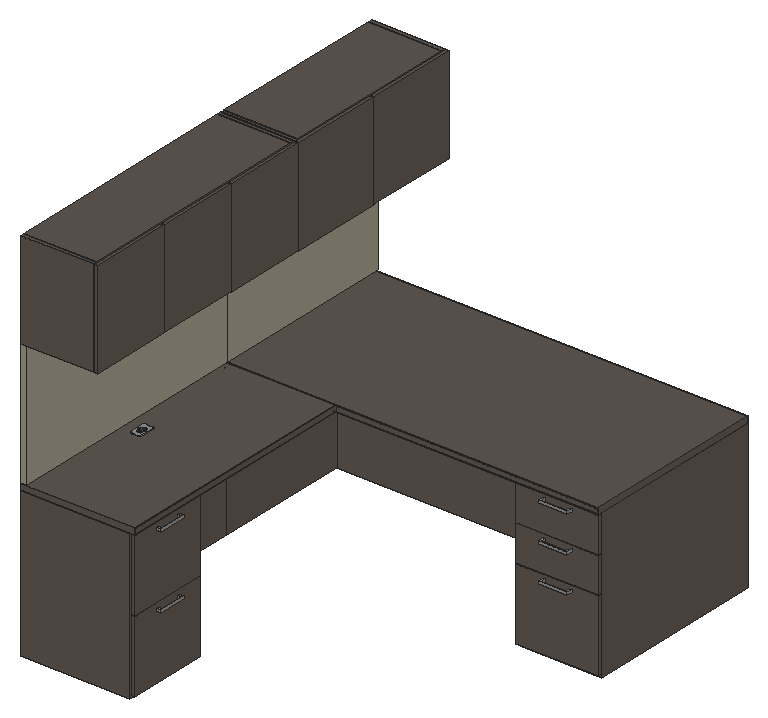
Revit family "T100051", category Casework, Revit 2018
Family settings
  OmniClass Number = 23.40.35.00
  OmniClass Title = Casework
  Work Plane-Based = No
  Always vertical = Yes
  Cut with Voids When Loaded = No
  Shared = No
  Room Calculation Point = No
Parameters
  Depth = 2' - 0"
  Height = 3' - 0"
  Width = 4' - 0"
Reference planes (in)
  plane 1 "Back": y = 0
  plane 2: z = 0
  plane 3 "Center (Left/Right)": x = 0.7377049
  plane 4 "Left": x = -23.2622951
  plane 5 "Right": x = 24.7377049
  plane 6 "Front": y = -24
  plane 7 "Top": z = 36
Dimensions and locks (in)
  "Depth": plane 6 "Front" to plane 1 "Back"
  "Width": plane 4 "Left" to plane 5 "Right"
  equal spacing: plane 4 "Left", plane 3 "Center (Left/Right)", plane 5 "Right"
  "Height": level to plane 7 "Top"
  aligned and locked: plane 2 to level
Nested families (in)
  nested 1: "FIRST OFFICE-PULSE_DESK_SINGLE_PED_RIGHT" at (-30.1861856, 0.8195349, 0), type "PULSE_DESK_SNGL_PED_4-7236FRPD"
    with TOP D SIZE yes, THICKNESS 0' - 1.188"
  nested 2: "FIRST OFFICE-PULSE_RETURNS_LEFT" at (-52.4063905, -36.7805, 0) x (0, 1, 0) z (0, 0, 1), type "PULSE_RETURN_LEFT_4-2248FLPR"
    with TOP D SIZE yes, THICKNESS 0' - 1.188", CENTER GROMMET yes
  nested 3: "FIRST OFFICE-PULSE_STORAGE_WALLMNT_ORGANIZER_W-DOORS" at (-66.2813905, -38, 0) x (0, 1, 0) z (0, 0, 1), type "PULSE-WALLMOUNT-ORGANIZER_4-4821HDW3"
    with 4 SOLID DRS no, 3 SOLID DRS yes, 2 SOLID DRS no
  nested 4: "FIRST OFFICE-PULSE_STORAGE_WALLMNT_ORGANIZER_W-DOORS" at (-66.2813905, 4, 0) x (0, 1, 0) z (0, 0, 1), type "PULSE-WALLMOUNT-ORGANIZER_4-3621HDW2"
    with 4 SOLID DRS no, 3 SOLID DRS no, 2 SOLID DRS yes
  nested 5: "FIRST OFFICE-PULSE_TACKBOARDS_FOR_WALLMOUNT_ORGNZRS" at (-60.5310419, -36.9929737, 0) x (0, 1, 0) z (0, 0, 1), type "PULSE_TACKBOARD_FOR_WALLMOUNT_FT2073"
  nested 6: "FIRST OFFICE-PULSE_TACKBOARDS_FOR_WALLMOUNT_ORGNZRS" at (-60.5310419, 5.0070263, 0) x (0, 1, 0) z (0, 0, 1), type "PULSE_TACKBOARD_FOR_WALLMOUNT_FT2075"
Definition of nested family "FIRST OFFICE-PULSE_DESK_SINGLE_PED_RIGHT"
  Parameters (values of type "PULSE_DESK_SNGL_PED_4-7236FRPD")
    URL = "http://www.firstoffice.com/products/casegoods/pulse"
    TOP D SIZE [instance] = yes
    THICKNESS [instance] = if(TOP D SIZE, 0' 1.188", 0' 1.563")  # 0' - 1.188"
    PEDESTAL HEIGHT = 2' - 4.187"
    DESK WIDTH = 6' - 0"
    FULL PED = PEDESTAL HEIGHT > 2' 1"  # yes
    DRAWER FRONT = none
    ENVIRONMENTAL = "http://www.firstoffice.com/information/environment"
    DESK DEPTH = 3' - 0"
    TOP CORE = none
    Manufacturer = "FIRST OFFICE-PULSE"
    MODEL NUMBER = "4-7236FRPD"
    MANUFACTURERS' CODE = "FOF"
    EDGE SHAPE = none
    Description = "PULSE SINGLE PED DESK RIGHT 72X36"
    CHASSIS = none
    CATALOG CODE = "FOF"
  Types (5): name | PEDESTAL HEIGHT | DESK WIDTH | FULL PED | DESK DEPTH | MODEL NUMBER | Description
    (no name) | 2' - 4.187" | 6' - 0" | yes | 3' - 0" | "4-7236FRPD" | "PULSE SINGLE PED DESK RIGHT 72X36"
    PULSE_DESK_SNGL_PED_4-6630FRPD | 2' - 4.187" | 5' - 6" | yes | 2' - 6" | "4-6630FRPD" | "PULSE SINGLE PED DESK RIGHT 66X30"
    PULSE_DESK_SNGL_PED_4-7236FRPD | 2' - 4.187" | 6' - 0" | yes | 3' - 0" | "4-7236FRPD" | "PULSE SINGLE PED DESK RIGHT 72X36"
    PULSE_DESK_SNGL_PED_4-6630RPD | 1' - 9 1/4" | 5' - 6" | no | 2' - 6" | "4-6630RPD" | "PULSE SINGLE 3/4 PED DESK RIGHT 66X30"
    PULSE_DESK_SNGL_PED_4-7236RPD | 1' - 9 1/4" | 6' - 0" | no | 3' - 0" | "4-7236RPD" | "PULSE SINGLE 3/4 PED DESK RIGHT 72X36"
  Reference planes (in)
    plane 1 "Center Front/Back": y = 3.1804651
    plane 2: z = 0
    plane 3 "DESK TOP": z = 30
    plane 4 "BASE HEIGHT": z = 28.812
    plane 5 "FRONT": y = -14.8195349
    plane 6 "PEDESTAL BOTTOM": z = 0.5
    plane 7 "PEDESTAL TOP": z = 28.687
    plane 8: z = 1.063
    plane 9 "PEDESTAL FRONT": y = -13.8195349
    plane 10 "DRAWER FRONT": y = -14.5695349
    plane 11 "ARC DEPTH": y = 21.1804651
    plane 12: z = 14.813
    plane 13: z = 14.938
    plane 14: z = 21.874
    plane 15: z = 21.75
    plane 16: z = 1.25
    plane 17: y = 12.1804651
    plane 18: y = 11.4304651
    plane 19: z = 16.812
    plane 20: y = 21.0554651
    plane 21: x = -0.095205
    plane 22: x = 35.904795
    plane 23: x = -36.095205
    plane 24: x = 35.841795
    plane 25: x = -36.032205
    plane 26: x = 20.028795
    plane 27: x = 34.841795
    plane 28: x = 20.778795
    plane 29: x = -35.032205
    plane 30: x = 20.091795
  Forms (in)
    Extrusion 1, solid, material <- "DRAWER FRONT"
      sketch origin (-0.2559588, -14.5695349, 0) x (-1, 0, 0) y (0, 0, -1)
        loop
          line (-36.0977539, -14.813) -> (-20.3477539, -14.813) -> (-20.3477539, -1.063) -> (-36.0977539, -1.063) -> (-36.0977539, -14.813)
      from -0.75 to 0
    Extrusion 2, solid, visible <- "FULL PED"
      sketch origin (-0.2559588, -14.5695349, 0) x (-1, 0, 0) y (0, 0, -1)
        loop
          line (-36.0977539, -21.75) -> (-20.3477539, -21.75) -> (-20.3477539, -14.938) -> (-36.0977539, -14.938) -> (-36.0977539, -21.75)
      from -0.75 to 0
    Extrusion 3, solid
      sketch origin (-0.2559588, -14.5695349, 0) x (-1, 0, 0) y (0, 0, -1)
        loop
          line (-36.0977539, -28.687) -> (-20.3477539, -28.687) -> (-20.3477539, -21.874) -> (-36.0977539, -21.874) -> (-36.0977539, -28.687)
      from -0.75 to 0
    Extrusion 4, solid, material <- "CHASSIS"
      sketch origin (-0.2559588, 12.1804651, 0) x (1, 0, 0) y (0, 0, -1)
        loop
          line (-34.7762461, -28.812) -> (35.0977539, -28.812) -> (35.0977539, -0.499) -> (-34.7762461, -0.499) -> (-34.7762461, -28.812)
      from -0.75 to 0
    Extrusion 5, solid, material <- "TOP CORE"
      sketch origin (-0.2559588, 0, 30) x (0, 1, 0) y (-1, 0, 0)
        loop
          line (21.0554651, -36.1607539) -> (21.0554651, 35.8392461) -> (-14.6945349, 35.8392461) -> (-14.6945349, -36.1607539) -> (21.0554651, -36.1607539)
      from -1.188 to 0
    Extrusion 6, solid, material <- "EDGE SHAPE"
      sketch origin (-0.095205, 0, 0) x (0, 1, 0) y (0, 0, -1)
        loop
          arc (-14.6945349, -28.812) -> (-14.7829232, -28.8486117) -> (-14.8195349, -28.937) r 0.125
          line (-14.8195349, -28.937) -> (-14.8195349, -29.875)
          arc (-14.8195349, -29.875) -> (-14.7829232, -29.9633883) -> (-14.6945349, -30) r 0.125
          line (-14.6945349, -30) -> (-14.6945349, -28.812)
      from -36 to 36
    Extrusion 7, solid, visible <- "FULL PED"
      sketch origin (18.7831536, -15.3753486, 16.001) x (-1, 0, 0) y (0, -1, 0)
        loop
          line (-11.9023915, -0.8058138) -> (-11.5273915, -0.8058138) -> (-11.5273915, 0.0066863) -> (-6.8398915, 0.0066863) -> (-6.8398915, -0.8058138) -> (-6.4648915, -0.8058138) -> (-6.4648915, 0.1941862) -> (-11.9023915, 0.1941862) -> (-11.9023915, -0.8058138)
      from 4.53125 to 5
    Extrusion 8, solid
      sketch origin (18.7831536, -15.3753486, 22.938) x (-1, 0, 0) y (0, -1, 0)
        loop
          line (-11.9023915, -0.8058138) -> (-11.5273915, -0.8058138) -> (-11.5273915, 0.0066863) -> (-6.8398915, 0.0066863) -> (-6.8398915, -0.8058138) -> (-6.4648915, -0.8058138) -> (-6.4648915, 0.1941862) -> (-11.9023915, 0.1941862) -> (-11.9023915, -0.8058138)
      from 4.53125 to 5
    Extrusion 9, solid
      sketch origin (18.7831536, -15.3753486, 9.063) x (-1, 0, 0) y (0, -1, 0)
        loop
          line (-11.9023915, -0.8058138) -> (-11.5273915, -0.8058138) -> (-11.5273915, 0.0066863) -> (-6.8398915, 0.0066863) -> (-6.8398915, -0.8058138) -> (-6.4648915, -0.8058138) -> (-6.4648915, 0.1941862) -> (-11.9023915, 0.1941862) -> (-11.9023915, -0.8058138)
      from 4.53125 to 5
    Extrusion 10, solid, material <- "CHASSIS"
      sketch origin (37.7440412, 5.25, 0) x (0, 1, 0) y (0, 0, -1)
        loop
          line (-19.0695349, -28.687) -> (15.9304651, -28.687) -> (15.9304651, -0.499) -> (-19.0695349, -0.499) -> (-19.0695349, -28.687)
      from 1.8392461 to 2.9022461
    Extrusion 11, solid
      sketch origin (99, 5.25, 28.687) x (0, 1, 0) y (-1, 0, 0)
        loop
          line (15.8054651, 134.032205) -> (15.8054651, 135.032205) -> (-19.0695349, 135.032205) -> (-19.0695349, 134.032205) -> (15.8054651, 134.032205)
      from 0 to 0.125
    Extrusion 12, solid, material <- "CHASSIS"
      sketch origin (-36.2559588, 5.5, 0) x (0, 1, 0) y (0, 0, 1)
        loop
          line (-20.3195349, 28.687) -> (-20.3195349, 0.499) -> (15.6804651, 0.499) -> (15.6804651, 28.687) -> (-20.3195349, 28.687)
      from 0.1607539 to 1.2237539
    Extrusion 13, solid
      sketch origin (94.5, 5.5, 28.687) x (0, 1, 0) y (-1, 0, 0)
        loop
          line (15.5554651, 59.658205) -> (-20.0695349, 59.658205) -> (-20.0695349, 58.658205) -> (15.5554651, 58.658205) -> (15.5554651, 59.658205)
      from 0 to 0.125
    Extrusion 14, solid, material <- "CHASSIS"
      sketch origin (14.7440412, 4.5, 0) x (0, 1, 0) y (0, 0, 1)
        loop
          line (-18.3195349, 28.812) -> (-18.3195349, 0.5) -> (6.9304651, 0.5) -> (6.9304651, 28.812) -> (-18.3195349, 28.812)
      from 5.2847539 to 6.0347539
    Extrusion 15, solid, material <- "CHASSIS", not visible
      sketch origin (-0.2559588, 4.5, 0.5) x (0, 1, 0) y (-1, 0, 0)
        loop
          line (6.9304651, -21.0347539) -> (-18.3195349, -21.0347539) -> (-18.3195349, -35.0977539) -> (6.9304651, -35.0977539) -> (6.9304651, -21.0347539)
      from 0 to 0.75
    Extrusion 16, solid, material <- "CHASSIS"
      sketch origin (-0.2559588, 1.5, 0.5) x (0, 1, 0) y (-1, 0, 0)
        loop
          line (9.9304651, -21.0347539) -> (-15.3195349, -21.0347539) -> (-15.3195349, -35.0977539) -> (9.9304651, -35.0977539) -> (9.9304651, -21.0347539)
      from 0 to 0.75
    Extrusion 17, solid, material <- "EDGE SHAPE"
      sketch origin (-0.095205, 0, 0) x (0, 1, 0) y (0, 0, -1)
        loop
          line (21.1804651, -29.875) -> (21.1804651, -28.937)
          arc (21.1804651, -28.937) -> (21.1438535, -28.8486117) -> (21.0554651, -28.812) r 0.125
          line (21.0554651, -28.812) -> (21.0554651, -30)
          arc (21.0554651, -30) -> (21.1438535, -29.9633883) -> (21.1804651, -29.875) r 0.125
      from -36 to 36
  Lines and regions (in)
    Masking region 1
      outline origin (-81.9530494, 0, 0) x (0, 1, 0) y (-1, 0, 0)
        loop
          line (21.1804651, -117.8578445) -> (21.1804651, -45.8578445) -> (-14.8195349, -45.8578445) -> (-14.8195349, -117.8578445) -> (21.1804651, -117.8578445)
    Masking region 2
      outline origin (0, 0, 28.687) x (0, 1, 0) y (-1, 0, 0)
        loop
          line (-14.8195349, -25.248045) -> (-15.5695348, -25.248045) -> (-15.5695348, -30.685545) -> (-14.8195349, -30.685545) -> (-14.8195349, -30.310545) -> (-15.3820349, -30.310545) -> (-15.3820349, -25.623045) -> (-14.8195349, -25.623045) -> (-14.8195349, -25.248045)
  Dimensions and locks (in)
    "DESK DEPTH": plane 5 "FRONT" to plane 11 "ARC DEPTH"
    equal spacing: plane 5 "FRONT", plane 1 "Center Front/Back", plane 11 "ARC DEPTH"
    plane 16 to plane 8 to plane 6 "PEDESTAL BOTTOM" = 0' - 0.187" locked, 0' - 0.563" locked
    "PEDESTAL HEIGHT": plane 7 "PEDESTAL TOP" to plane 6 "PEDESTAL BOTTOM"
    plane 4 "BASE HEIGHT" to plane 7 "PEDESTAL TOP" to plane 2 = 0' - 0 1/8" locked, 2' - 4.687" locked
    "THICKNESS": plane 3 "DESK TOP" to plane 4 "BASE HEIGHT"
    plane 5 "FRONT" to plane 10 "DRAWER FRONT" to plane 9 "PEDESTAL FRONT" to plane 18 to plane 17 = 0' - 0 1/4" locked, 0' - 0 3/4" locked, 2' - 1 1/4" locked, 0' - 0 3/4" locked
    locked: plane 11 "ARC DEPTH" to plane 20 at 0.125
    equal spacing: plane 22, plane 21, plane 23
    "DESK WIDTH": plane 22 to plane 23
    plane 13 to plane 12 to plane 8 = 0' - 0 1/8" locked, 1' - 1 3/4" locked
    locked: plane 7 "PEDESTAL TOP" to plane 14 at 6.813
    locked: plane 14 to plane 15 at 0.124
    locked: Extrusion 5 to Extrusion 4 sketch curve at 28.313
    plane 29 to plane 25 to plane 23 = 0' - 1" locked, 0' - 0.063" locked
    plane 22 to plane 24 to plane 27 to plane 28 to plane 30 to plane 26 = 0' - 0.063" locked, 0' - 1" locked, 1' - 2.063" locked, 0' - 0.687" locked, 0' - 0.063" locked
    plane 12 to Extrusion 9 to Extrusion 9 = 0' - 0 3/4" locked, 0' - 0 15/32" locked
    aligned and locked: level to plane 2
    aligned and locked: Extrusion 1 sketch curve to plane 24
    aligned and locked: plane 12 to Extrusion 1 sketch curve
    aligned and locked: Extrusion 1 sketch curve to plane 8
    aligned and locked: plane 24 to Extrusion 2 sketch curve
    aligned and locked: plane 13 to Extrusion 2 sketch curve
    aligned and locked: Extrusion 2 sketch curve to plane 15
    aligned and locked: plane 14 to Extrusion 3 sketch curve
    aligned and locked: Extrusion 3 sketch curve to plane 7 "PEDESTAL TOP"
    aligned and locked: Extrusion 4 sketch curve to plane 29
    aligned and locked: Extrusion 4 sketch curve to plane 27
    aligned and locked: plane 22 to Extrusion 6
    aligned and locked: Extrusion 6 to plane 23
    aligned and locked: Extrusion 3 sketch curve to plane 30
    aligned and locked: Extrusion 2 sketch curve to plane 30
    aligned and locked: plane 30 to Extrusion 1 sketch curve
    aligned and locked: Extrusion 5 sketch curve to plane 23
    aligned and locked: plane 22 to Extrusion 10
    aligned and locked: Extrusion 10 to plane 27
    aligned and locked: plane 28 to Extrusion 14
    aligned and locked: Extrusion 14 to plane 26
    aligned and locked: Extrusion 12 to plane 23
    aligned and locked: Extrusion 12 to plane 29
    aligned and locked: Extrusion 7 to Extrusion 8  (x2)
    aligned and locked: Extrusion 9 to Extrusion 7  (x2)
    aligned and locked: plane 22 to Extrusion 17
    aligned and locked: Extrusion 17 to plane 23
    aligned and locked: plane 11 "ARC DEPTH" to Masking region 1 sketch curve
    aligned and locked: Masking region 1 sketch curve to plane 23
    aligned and locked: plane 22 to Masking region 1 sketch curve
    aligned and locked: Masking region 1 sketch curve to plane 5 "FRONT"
    aligned and locked: plane 25 to Extrusion 11 sketch curve
    aligned and locked: plane 29 to Extrusion 11 sketch curve
    aligned and locked: plane 20 to Extrusion 11 sketch curve
    aligned and locked: plane 9 "PEDESTAL FRONT" to Extrusion 11 sketch curve
    aligned and locked: Extrusion 13 sketch curve to plane 27
    aligned and locked: plane 24 to Extrusion 13 sketch curve
    aligned and locked: Extrusion 13 sketch curve to plane 20
    aligned and locked: Extrusion 13 sketch curve to plane 10 "DRAWER FRONT"
    aligned and locked: plane 17 to Extrusion 4
    aligned and locked: Extrusion 4 to plane 18
    aligned and locked: plane 16 to Extrusion 16
    aligned and locked: plane 16 to Extrusion 15
    aligned and locked: Extrusion 16 to plane 6 "PEDESTAL BOTTOM"
    aligned and locked: Extrusion 15 to plane 6 "PEDESTAL BOTTOM"
    aligned and locked: Extrusion 15 sketch curve to plane 18
    aligned and locked: plane 18 to Extrusion 14
    aligned and locked: Extrusion 12 to Extrusion 4
    aligned and locked: Extrusion 10 to Extrusion 12
  Automatic sketch dimensions
    plane 24 to Extrusion 3 sketch curve = 0' - 0"
    Extrusion 4 sketch curve to plane 4 "BASE HEIGHT" = 0' - 0"
    Extrusion 5 sketch curve to plane 22 = 0' - 0"
    Extrusion 5 sketch curve to plane 20 = 0' - 0"
    plane 5 "FRONT" to Extrusion 5 sketch curve = 0' - 0 1/8"
    Extrusion 6 sketch curve to plane 5 "FRONT" = 0' - 0"
    Extrusion 6 sketch curve to plane 3 "DESK TOP" = 0' - 0"
    Extrusion 6 sketch curve to plane 4 "BASE HEIGHT" = 0' - 0"
    plane 5 "FRONT" to Extrusion 6 sketch curve = 0' - 0 1/8"
    plane 10 "DRAWER FRONT" to Extrusion 7 sketch curve = 0' - 0"  (x2)
    plane 27 to Extrusion 7 sketch curve = 0' - 4 5/32"
    Extrusion 7 sketch curve to Extrusion 7 sketch curve = 0' - 0 3/8"  (x2)
    plane 5 "FRONT" to Extrusion 7 sketch curve = 0' - 0 9/16"
    Extrusion 7 sketch curve to Extrusion 7 sketch curve = 0' - 4 11/16"
    Extrusion 7 sketch curve to Extrusion 7 sketch curve = 0' - 0 3/16"
    plane 10 "DRAWER FRONT" to Extrusion 8 sketch curve = 0' - 0"  (x2)
    plane 27 to Extrusion 8 sketch curve = 0' - 4 5/32"
    Extrusion 8 sketch curve to Extrusion 8 sketch curve = 0' - 0 3/8"  (x2)
    plane 5 "FRONT" to Extrusion 8 sketch curve = 0' - 0 9/16"
    Extrusion 8 sketch curve to Extrusion 8 sketch curve = 0' - 4 11/16"
    Extrusion 8 sketch curve to Extrusion 8 sketch curve = 0' - 0 3/16"
    plane 10 "DRAWER FRONT" to Extrusion 9 sketch curve = 0' - 0"  (x2)
    plane 27 to Extrusion 9 sketch curve = 0' - 4 5/32"
    Extrusion 9 sketch curve to Extrusion 9 sketch curve = 0' - 0 3/8"  (x2)
    plane 5 "FRONT" to Extrusion 9 sketch curve = 0' - 0 9/16"
    Extrusion 9 sketch curve to Extrusion 9 sketch curve = 0' - 4 11/16"
    Extrusion 9 sketch curve to Extrusion 9 sketch curve = 0' - 0 3/16"
    Extrusion 10 sketch curve to plane 7 "PEDESTAL TOP" = 0' - 0"
    Extrusion 10 sketch curve to plane 9 "PEDESTAL FRONT" = 0' - 0"
    Extrusion 10 sketch curve to plane 11 "ARC DEPTH" = 0' - 0"
    Extrusion 10 sketch curve to plane 6 "PEDESTAL BOTTOM" = 0' - 0.001"
    Extrusion 12 sketch curve to plane 5 "FRONT" = 0' - 0"
    Extrusion 12 sketch curve to plane 11 "ARC DEPTH" = 0' - 0"
    Extrusion 12 sketch curve to plane 7 "PEDESTAL TOP" = 0' - 0"
    Extrusion 12 sketch curve to plane 6 "PEDESTAL BOTTOM" = 0' - 0.001"
    Extrusion 14 sketch curve to plane 4 "BASE HEIGHT" = 0' - 0"
    Extrusion 14 sketch curve to plane 9 "PEDESTAL FRONT" = 0' - 0"
    Extrusion 14 sketch curve to plane 6 "PEDESTAL BOTTOM" = 0' - 0"
    plane 9 "PEDESTAL FRONT" to Extrusion 15 sketch curve = 0' - 0"
    Extrusion 15 sketch curve to plane 27 = 0' - 0"
    Extrusion 15 sketch curve to plane 28 = 0' - 0"
    plane 9 "PEDESTAL FRONT" to Extrusion 16 sketch curve = 0' - 0"
    Extrusion 16 sketch curve to plane 18 = 0' - 0"
    Extrusion 16 sketch curve to plane 27 = 0' - 0"
    Extrusion 16 sketch curve to plane 28 = 0' - 0"
    Extrusion 17 sketch curve to plane 3 "DESK TOP" = 0' - 0"
    Extrusion 17 sketch curve to plane 20 = 0' - 0"
    Extrusion 17 sketch curve to plane 11 "ARC DEPTH" = 0' - 0"
    Extrusion 17 sketch curve to plane 4 "BASE HEIGHT" = 0' - 0"
    plane 5 "FRONT" to Masking region 2 sketch curve = 0' - 0"  (x2)
    plane 5 "FRONT" to Masking region 2 sketch curve = 0' - 0 9/16"
    Masking region 2 sketch curve to Masking region 2 sketch curve = 0' - 0 3/16"
    plane 27 to Masking region 2 sketch curve = 0' - 4 5/32"
    Masking region 2 sketch curve to Masking region 2 sketch curve = 0' - 0 3/8"  (x2)
    Masking region 2 sketch curve to Masking region 2 sketch curve = 0' - 4 11/16"
    Extrusion 14 sketch curve to plane 20 = 0' - 9 5/8"
Definition of nested family "FIRST OFFICE-PULSE_RETURNS_LEFT"
  Parameters (values of type "PULSE_RETURN_LEFT_4-2248FLPR")
    URL = "http://www.firstoffice.com/products/casegoods/pulse"
    TOP D SIZE [instance] = yes
    TOP CORE = none
    THICKNESS [instance] = if(TOP D SIZE, 0' 1.188", 0' 1.563")  # 0' - 1.188"
    RETURN WIDTH = 4' - 0"
    PEDESTAL HEIGHT = 2' - 4.188"
    EDGE SHAPE = none
    DRAWER FRONT = none
    ENVIRONMENTAL = "http://www.firstoffice.com/information/environment"
    Manufacturer = "FIRST OFFICE-PULSE"
    MODEL NUMBER = "4-2248FLPR"
    MANUFACTURERS' CODE = "FOF"
    Description = "PULSE RETURN LEFT 48"
    CHASSIS = none
    CENTER GROMMET [instance] = yes
    CATALOG CODE = "FOF"
    BACK PANEL = none
  Types (5): name | RETURN WIDTH | PEDESTAL HEIGHT | MODEL NUMBER | Description
    (no name) | 4' - 0" | 2' - 4.188" | "4-2248FLPR" | "PULSE RETURN LEFT 48"
    PULSE_RETURN_LEFT_4-2242FLPR | 3' - 6" | 2' - 4.188" | "4-2242FLPR" | "PULSE RETURN LEFT 42"
    PULSE_RETURN_LEFT_4-2248FLPR | 4' - 0" | 2' - 4.188" | "4-2248FLPR" | "PULSE RETURN LEFT 48"
    PULSE_RETURN_LEFT_4-2242LPR | 3' - 6" | 1' - 9 1/4" | "4-2242LPR" | "PULSE RETURN LEFT 3/4 PED 42"
    PULSE_RETURN_LEFT_4-2248LPR | 4' - 0" | 1' - 9 1/4" | "4-2248LPR" | "PULSE RETURN LEFT 3/4 PED 48"
  Reference planes (in)
    plane 1 "Center Front/Back": y = 2.875
    plane 2: z = -0.0005
    plane 3 "Center Left/Right": x = -1.2195
    plane 4 "LEFT": x = -25.2195
    plane 5 "BASE HEIGHT": z = 28.8125
    plane 6 "PEDESTAL BOTTOM": z = 0.4995
    plane 7 "PEDESTAL TOP": z = 28.6875
    plane 8: z = 1.0625
    plane 9 "PEDESTAL FRONT": y = -7.125
    plane 10 "DRAWER FRONT": y = -7.875
    plane 11 "BACK": y = 13.875
    plane 12: z = 14.813
    plane 13: z = 14.938
    plane 14: x = -25.1565
    plane 15: x = -24.4065
    plane 16: z = 1.2495
    plane 17: x = -9.3445
    plane 18: x = -9.4075
    plane 19: x = -10.1575
    plane 20 "RIGHT": x = 22.7805
    plane 21: y = -8.125
    plane 22: y = 12.875
    plane 23 "top": z = 30.0005
    plane 24: z = 30.07
    plane 25: z = 0.4995
  Forms (in)
    Extrusion 1, solid, material <- "DRAWER FRONT"
      sketch origin (13.9055, -7.875, 0) x (1, 0, 0) y (0, 0, 1)
        loop
          line (-39.062, 14.813) -> (-39.062, 1.0625) -> (-23.313, 1.0625) -> (-23.313, 14.813) -> (-39.062, 14.813)
      from -0.75 to 0
    Extrusion 2, solid, material <- "CHASSIS"
      sketch origin (-25.2195, 0, 0) x (0, 1, 0) y (0, 0, 1)
        loop
          line (-7.125, 28.6875) -> (-7.125, 0.4995) -> (13.875, 0.4995) -> (13.875, 28.6875) -> (-7.125, 28.6875)
      from 0 to 0.813
    Extrusion 3, solid, material <- "CHASSIS"
      sketch origin (13.9055, 0, 0.4995) x (0, 1, 0) y (-1, 0, 0)
        loop
          line (12.875, 24.063) -> (12.875, 38.312) -> (-7.125, 38.312) -> (-7.125, 24.063) -> (12.875, 24.063)
      from 0 to 0.75
    Extrusion 4, solid
      sketch origin (-4.7271124, -15.3753486, 22.938) x (1, 0, 0) y (0, 1, 0)
        loop
          line (-15.2736376, 7.5003486) -> (-15.2736376, 6.5003487) -> (-9.8361376, 6.5003487) -> (-9.8361376, 7.5003486) -> (-10.2111376, 7.5003486) -> (-10.2111376, 6.6878486) -> (-14.8986376, 6.6878486) -> (-14.8986376, 7.5003486) -> (-15.2736376, 7.5003486)
      from 4.53125 to 5
    Extrusion 5, solid
      sketch origin (-4.7271124, -15.3753486, 9.063) x (1, 0, 0) y (0, 1, 0)
        loop
          line (-15.2736376, 7.5003486) -> (-15.2736376, 6.5003487) -> (-9.8361376, 6.5003487) -> (-9.8361376, 7.5003486) -> (-10.2111376, 7.5003486) -> (-10.2111376, 6.6878486) -> (-14.8986376, 6.6878486) -> (-14.8986376, 7.5003486) -> (-15.2736376, 7.5003486)
      from 4.53125 to 5
    Extrusion 6, solid, material <- "CHASSIS"
      sketch origin (-9.3445, 0, 0) x (0, 1, 0) y (0, 0, -1)
        loop
          line (-7.125, -28.8125) -> (12.875, -28.8125) -> (12.875, -0.4995) -> (-7.125, -0.4995) -> (-7.125, -28.8125)
      from 0 to 0.813
    Extrusion 7, solid
      sketch origin (-14, 0, 28.6875) x (0, 1, 0) y (-1, 0, 0)
        loop
          line (13.75, 10.4065) -> (13.75, 11.0945) -> (-7.125, 11.0945) -> (-7.125, 10.4065) -> (13.75, 10.4065)
      from 0 to 0.125
    Extrusion 8, solid, material <- "DRAWER FRONT"
      sketch origin (13.9055, -7.875, 3.75) x (1, 0, 0) y (0, 0, 1)
        loop
          line (-39.062, 24.9375) -> (-39.062, 11.188) -> (-23.313, 11.188) -> (-23.313, 24.9375) -> (-39.062, 24.9375)
      from -0.75 to 0
    Extrusion 9, solid, material <- "BACK PANEL"
      sketch origin (5.9611705, 10.259571, 0) x (-1, 0, 0) y (0, 0, 1)
        loop
          line (-16.8193295, 28.6875) -> (-16.8193295, 0.4995) -> (30.3676705, 0.4995) -> (30.3676705, 28.6875) -> (-16.8193295, 28.6875)
      from 2.615429 to 3.615429
    Extrusion 10, solid, material <- "TOP CORE"
      sketch origin (5.9611705, -1.740429, 29.938) x (0, 1, 0) y (-1, 0, 0)
        loop
          line (15.615429, 31.1806705) -> (-6.259571, 31.1806705) -> (-6.259571, -16.8193295) -> (15.615429, -16.8193295) -> (15.615429, 31.1806705)
      from -1.125 to 0.0625
    Extrusion 11, solid, material <- "EDGE SHAPE"
      sketch origin (5.9611705, 6.625, 0) x (0, 1, 0) y (0, 0, 1)
        loop
          line (-14.625, 28.8125) -> (-14.625, 30.0005)
          arc (-14.625, 30.0005) -> (-14.7133883, 29.9638883) -> (-14.75, 29.8755) r 0.125
          line (-14.75, 29.8755) -> (-14.75, 28.9375)
          arc (-14.75, 28.9375) -> (-14.7133883, 28.8491117) -> (-14.625, 28.8125) r 0.125
      from -31.1806705 to 16.8193295
    Extrusion 12, solid
      sketch origin (5.9611705, -1.740429, 28.688) x (0, 1, 0) y (-1, 0, 0)
        loop
          line (14.615429, 30.3676705) -> (14.615429, -16.8193295) -> (15.490429, -16.8193295) -> (15.490429, 30.3676705) -> (14.615429, 30.3676705)
      from 0 to 0.125
    Extrusion 13, solid, visible <- "CENTER GROMMET"
      sketch origin (-1.2194998, -1.740429, 30.0005) x (0, 1, 0) y (-1, 0, 0)
        loop
          line (12.5, -1.2499999) -> (12.5, 0.0000002) -> (11.8799647, 0.0000002) -> (11.8799647, -0.4375001)
          arc (11.8799647, -0.4375001) -> (11.8052872, -0.6177874) -> (11.625, -0.6924648) r 0.2549647
          line (11.625, -0.6924648) -> (11.3749999, -0.6924648)
          arc (11.3749999, -0.6924648) -> (11.1947126, -0.6177874) -> (11.1200351, -0.4375001) r 0.2549647
          line (11.1200351, -0.4375001) -> (11.1200351, 0.0000002) -> (10.5, 0.0000002) -> (10.5, -1.2499995)
          arc (10.5, -1.2499995) -> (10.6281409, -1.5593591) -> (10.9375004, -1.6875) r 0.4375005
          line (10.9375004, -1.6875) -> (12.0624999, -1.6875)
          arc (12.0624999, -1.6875) -> (12.3718592, -1.5593592) -> (12.5, -1.2499999) r 0.4375001
      from 0 to 0.0695
    Sweep 14, void
      path origin (-2.439, 0, 30.0005) x (0, 1, 0) y (1, 0, 0)
        loop
          line (10.1395356, 1.2195) -> (10.1395356, 1.6570003)
          arc (10.1395356, 1.6570003) -> (10.0648582, 1.8372876) -> (9.8845709, 1.911965) r 0.2549647
          line (9.8845709, 1.911965) -> (9.6345708, 1.911965)
          arc (9.6345708, 1.911965) -> (9.4542835, 1.8372876) -> (9.3796061, 1.6570003) r 0.2549647
          line (9.3796061, 1.6570003) -> (9.3796061, 1.2195)
      profile origin (-1.0007499, 10.1395356, 30.0005) x (0, 1, 0) y (0, 0, 1)
        loop
          line (0, 0.0695) -> (0, 0)
          arc (0, 0) -> (0.0203561, 0.0491439) -> (0.0695, 0.0695) r 0.0695
          line (0.0695, 0.0695) -> (0, 0.0695)
    Extrusion 15, solid, visible <- "CENTER GROMMET"
      sketch origin (-1.2195002, -1.740429, 30.0005) x (0, 1, 0) y (-1, 0, 0)
        loop
          arc (12.5, 1.2499999) -> (12.3718592, 1.5593592) -> (12.0624999, 1.6875) r 0.4375001
          line (12.0624999, 1.6875) -> (10.9375004, 1.6875)
          arc (10.9375004, 1.6875) -> (10.6281409, 1.5593591) -> (10.5, 1.2499995) r 0.4375005
          line (10.5, 1.2499995) -> (10.5, -0.0000002) -> (11.1200351, -0.0000002) -> (11.1200351, 0.4375001)
          arc (11.1200351, 0.4375001) -> (11.1947126, 0.6177874) -> (11.3749999, 0.6924648) r 0.2549647
          line (11.3749999, 0.6924648) -> (11.625, 0.6924648)
          arc (11.625, 0.6924648) -> (11.8052872, 0.6177874) -> (11.8799647, 0.4375001) r 0.2549647
          line (11.8799647, 0.4375001) -> (11.8799647, -0.0000002) -> (12.5, -0.0000002) -> (12.5, 1.2499999)
      from 0 to 0.0695
    Sweep 16, void
      path origin (0, 0, 30.0005) x (0, 1, 0) y (-1, 0, 0)
        loop
          line (10.1395356, 1.2195) -> (10.1395356, 1.6570003)
          arc (10.1395356, 1.6570003) -> (10.0648582, 1.8372876) -> (9.8845709, 1.911965) r 0.2549647
          line (9.8845709, 1.911965) -> (9.6345708, 1.911965)
          arc (9.6345708, 1.911965) -> (9.4542835, 1.8372876) -> (9.3796061, 1.6570003) r 0.2549647
          line (9.3796061, 1.6570003) -> (9.3796061, 1.2195)
      profile origin (-1.4382501, 10.1395356, 30.0005) x (0, -1, 0) y (0, 0, 1)
        loop
          line (0, 0.0695) -> (-0.0695, 0.0695)
          arc (-0.0695, 0.0695) -> (-0.0203561, 0.0491439) -> (0, 0) r 0.0695
          line (0, 0) -> (0, 0.0695)
    Extrusion 17, void
      sketch origin (0, 0, 30.0005) x (0, 1, 0) y (-1, 0, 0)
        loop
          line (9.2413105, 1.9695) -> (9.2413105, 0.4695) -> (10.2413105, 0.4695) -> (10.2413105, 1.9695) -> (9.2413105, 1.9695)
      from -1.188 to 0
  Cuts and joins
    Sweep 14, Sweep 16, Extrusion 17 cuts Extrusion 13
    Sweep 16, Extrusion 17 cuts Extrusion 15
    Extrusion 17 cuts Extrusion 10
  Lines and regions (in)
    Masking region 1
      outline origin (-14, 0, 0) x (1, 0, 0) y (0, 1, 0)
        loop
          line (-11.2195, -8.125) -> (36.7805, -8.125) -> (36.7805, 13.875) -> (-11.2195, 13.875) -> (-11.2195, -8.125)
    Masking region 2
      outline origin (0, 0, 0) x (1, 0, 0) y (0, 1, 0)
        loop
          line (-20.00075, -8.125) -> (-20.00075, -8.875) -> (-14.56325, -8.875) -> (-14.56325, -8.125) -> (-14.93825, -8.125) -> (-14.93825, -8.6875) -> (-19.62575, -8.6875) -> (-19.62575, -8.125) -> (-20.00075, -8.125)
  Dimensions and locks (in)
    locked: Extrusion 7 sketch curve to Extrusion 2 at 0.688
    plane 4 "LEFT" to plane 14 to plane 15 = 0' - 0.063" locked, 0' - 0 3/4" locked
    plane 19 to plane 18 to plane 17 = 0' - 0 3/4" locked, 0' - 0.063" locked
    locked: Extrusion 9 to Extrusion 12 sketch curve at 0.875
    plane 21 to plane 10 "DRAWER FRONT" to plane 9 "PEDESTAL FRONT" = 0' - 0 1/4" locked, 0' - 0 3/4" locked
    locked: plane 11 "BACK" to plane 21 at 22
    equal spacing: plane 11 "BACK", plane 1 "Center Front/Back", plane 21
    equal spacing: plane 4 "LEFT", plane 3 "Center Left/Right", plane 20 "RIGHT"
    "RETURN WIDTH": plane 4 "LEFT" to plane 20 "RIGHT"
    locked: plane 11 "BACK" to plane 22 at 1
    locked: plane 4 "LEFT" to plane 17 at 15.875
    "THICKNESS": plane 23 "top" to plane 5 "BASE HEIGHT"
    locked: plane 24 to plane 23 "top" at 0.0695
    locked: plane 6 "PEDESTAL BOTTOM" to plane 2 at 0.5
    plane 12 to Extrusion 5 to Extrusion 5 = 0' - 0 3/4" locked, 0' - 0 15/32" locked
    "PEDESTAL HEIGHT": plane 7 "PEDESTAL TOP" to plane 25
    plane 13 to plane 12 to plane 16 to plane 8 to plane 25 = 0' - 0 1/8" locked, 1' - 1.5635" locked, 0' - 0.187" locked, 0' - 0.563" locked
    aligned and locked: Extrusion 1 to plane 9 "PEDESTAL FRONT"
    aligned and locked: plane 10 "DRAWER FRONT" to Extrusion 1
    aligned: Extrusion 2 to plane 4 "LEFT"
    aligned: plane 15 to Extrusion 2
    aligned: Extrusion 3 to plane 6 "PEDESTAL BOTTOM"
    aligned and locked: plane 16 to Extrusion 3
    aligned and locked: plane 15 to Extrusion 2
    aligned: plane 11 "BACK" to Extrusion 3
    aligned and locked: plane 11 "BACK" to Extrusion 2
    aligned and locked: Extrusion 6 to plane 19
    aligned and locked: Extrusion 3 to plane 19
    aligned and locked: Extrusion 1 to plane 18
    aligned and locked: Extrusion 4 to plane 10 "DRAWER FRONT"
    aligned and locked: Extrusion 5 to plane 10 "DRAWER FRONT"
    aligned: level to plane 2
    aligned and locked: plane 7 "PEDESTAL TOP" to Extrusion 8
    aligned and locked: Extrusion 8 to plane 13
    aligned: plane 23 "top" to Extrusion 10
    aligned and locked: Extrusion 10 sketch curve to plane 4 "LEFT"
    aligned and locked: Extrusion 10 sketch curve to plane 11 "BACK"
    aligned and locked: plane 20 "RIGHT" to Extrusion 10 sketch curve
    aligned and locked: plane 20 "RIGHT" to Extrusion 11
    aligned and locked: plane 21 to Extrusion 11 sketch curve
    aligned and locked: Extrusion 10 to Extrusion 11
    aligned and locked: Extrusion 11 to plane 4 "LEFT"
    aligned and locked: plane 7 "PEDESTAL TOP" to Extrusion 9 sketch curve
    aligned and locked: plane 20 "RIGHT" to Extrusion 9 sketch curve
    aligned and locked: Extrusion 9 sketch curve to plane 6 "PEDESTAL BOTTOM"
    aligned: plane 11 "BACK" to Extrusion 9
    aligned: Extrusion 9 to plane 22
    aligned and locked: Extrusion 12 to plane 15
    aligned and locked: Extrusion 12 to Extrusion 7
    aligned and locked: plane 20 "RIGHT" to Extrusion 12
    aligned and locked: plane 5 "BASE HEIGHT" to Extrusion 6
    aligned and locked: plane 23 "top" to Extrusion 11 sketch curve
    aligned and locked: plane 5 "BASE HEIGHT" to Extrusion 11 sketch curve
    aligned and locked: plane 20 "RIGHT" to Masking region 1 sketch curve
    aligned and locked: Masking region 1 sketch curve to plane 21
    aligned and locked: plane 22 to Extrusion 3
    aligned and locked: plane 22 to Extrusion 6
    aligned and locked: Extrusion 13 to plane 23 "top"
    aligned and locked: plane 24 to Extrusion 13
    aligned and locked: plane 24 to cut or joined group of Extrusion 15, Sweep 16, Extrusion 17
    aligned and locked: cut or joined group of Extrusion 15, Sweep 16, Extrusion 17 to plane 23 "top"
    aligned and locked: plane 23 "top" to Extrusion 17
    aligned and locked: Extrusion 17 to plane 5 "BASE HEIGHT"
    aligned and locked: plane 23 "top" to cut or joined group of Extrusion 10, Extrusion 17
    aligned and locked: Extrusion 6 to plane 25
    aligned and locked: Extrusion 3 to plane 25
    aligned and locked: Extrusion 9 sketch curve to plane 15
  Automatic sketch dimensions
    Extrusion 1 sketch curve to plane 12 = 0' - 0"
    Extrusion 1 sketch curve to plane 14 = 0' - 0"
    Extrusion 1 sketch curve to plane 8 = 0' - 0"
    plane 18 to Extrusion 1 sketch curve = 0' - 0"
    Extrusion 2 sketch curve to plane 7 "PEDESTAL TOP" = 0' - 0"
    Extrusion 2 sketch curve to plane 9 "PEDESTAL FRONT" = 0' - 0"
    Extrusion 2 sketch curve to plane 6 "PEDESTAL BOTTOM" = 0' - 0"
    Extrusion 2 sketch curve to plane 11 "BACK" = 0' - 0"
    plane 9 "PEDESTAL FRONT" to Extrusion 3 sketch curve = 0' - 0"
    Extrusion 3 sketch curve to plane 15 = 0' - 0"
    Extrusion 3 sketch curve to plane 22 = 0' - 0"
    Extrusion 3 sketch curve to plane 19 = 0' - 0"
    plane 10 "DRAWER FRONT" to Extrusion 4 sketch curve = 0' - 0"  (x2)
    plane 15 to Extrusion 4 sketch curve = 0' - 4.40575"
    Extrusion 4 sketch curve to Extrusion 4 sketch curve = 0' - 0 3/8"  (x2)
    Extrusion 4 sketch curve to plane 21 = 0' - 0 9/16"
    Extrusion 4 sketch curve to Extrusion 4 sketch curve = 0' - 4 11/16"
    Extrusion 4 sketch curve to Extrusion 4 sketch curve = 0' - 0 3/16"
    plane 10 "DRAWER FRONT" to Extrusion 5 sketch curve = 0' - 0"  (x2)
    plane 15 to Extrusion 5 sketch curve = 0' - 4.40575"
    Extrusion 5 sketch curve to Extrusion 5 sketch curve = 0' - 0 3/8"  (x2)
    Extrusion 5 sketch curve to plane 21 = 0' - 0 9/16"
    Extrusion 5 sketch curve to Extrusion 5 sketch curve = 0' - 4 11/16"
    Extrusion 5 sketch curve to Extrusion 5 sketch curve = 0' - 0 3/16"
    Extrusion 6 sketch curve to plane 5 "BASE HEIGHT" = 0' - 0"
    Extrusion 6 sketch curve to plane 9 "PEDESTAL FRONT" = 0' - 0"
    Extrusion 6 sketch curve to plane 6 "PEDESTAL BOTTOM" = 0' - 0"
    Extrusion 6 sketch curve to plane 22 = 0' - 0"
    plane 9 "PEDESTAL FRONT" to Extrusion 7 sketch curve = 0' - 0"
    Extrusion 7 sketch curve to plane 15 = 0' - 0"
    Extrusion 7 sketch curve to plane 11 "BACK" = 0' - 0 1/8"
    Masking region 1 sketch curve to plane 4 "LEFT" = 0' - 0"
    Masking region 1 sketch curve to plane 11 "BACK" = 0' - 0"
    Extrusion 8 sketch curve to plane 13 = 0' - 0"
    Extrusion 8 sketch curve to plane 14 = 0' - 0"
    Extrusion 8 sketch curve to plane 7 "PEDESTAL TOP" = 0' - 0"
    plane 18 to Extrusion 8 sketch curve = 0' - 0"
    plane 10 "DRAWER FRONT" to Extrusion 10 sketch curve = 0' - 0 1/8"
    plane 10 "DRAWER FRONT" to Extrusion 11 sketch curve = 0' - 0 1/8"
    Extrusion 12 sketch curve to plane 20 "RIGHT" = 0' - 0"
    Extrusion 12 sketch curve to plane 22 = 0' - 0"
    plane 15 to Extrusion 12 sketch curve = 0' - 0"
    Masking region 2 sketch curve to plane 21 = 0' - 0"  (x2)
    plane 15 to Masking region 2 sketch curve = 0' - 4.40575"
    Masking region 2 sketch curve to Masking region 2 sketch curve = 0' - 0 3/8"  (x2)
    Masking region 2 sketch curve to plane 21 = 0' - 0 9/16"
    Masking region 2 sketch curve to Masking region 2 sketch curve = 0' - 4 11/16"
    Masking region 2 sketch curve to Masking region 2 sketch curve = 0' - 0 3/16"
    Extrusion 13 sketch curve to plane 3 "Center Left/Right" = 0' - 0"  (x2)
    plane 3 "Center Left/Right" to Extrusion 13 sketch curve = 0' - 1 1/4"
    Extrusion 13 sketch curve to plane 22 = 0' - 4.11543"
    Extrusion 13 sketch curve to Extrusion 13 sketch curve = 0' - 0 7/16"  (x2)
    Extrusion 13 sketch curve to Extrusion 13 sketch curve = 0' - 0.62004"  (x2)
    Extrusion 13 sketch curve to Extrusion 13 sketch curve = 0' - 0.25496"  (x2)
    Extrusion 13 sketch curve to Extrusion 13 sketch curve = 0' - 0 1/4"
    plane 3 "Center Left/Right" to Extrusion 13 sketch curve = 0' - 0.69247"
    Sweep 14 sketch curve to plane 3 "Center Left/Right" = 0' - 0"  (x2)
    Sweep 14 sketch curve to plane 3 "Center Left/Right" = 0' - 0 7/16"
    plane 22 to Sweep 14 sketch curve = 0' - 3.49539"
    Sweep 14 sketch curve to Sweep 14 sketch curve = 0' - 0.25496"  (x2)
    Sweep 14 sketch curve to Sweep 14 sketch curve = 0' - 0 1/4"
    Sweep 14 sketch curve to plane 23 "top" = 0' - 0"
    Sweep 14 sketch curve to profile plane = 0' - 0"
    Sweep 14 sketch curve to profile plane = 0' - 0.0695"
    Extrusion 15 sketch curve to plane 3 "Center Left/Right" = 0' - 0"  (x2)
    Extrusion 15 sketch curve to plane 3 "Center Left/Right" = 0' - 1 1/4"
    Extrusion 15 sketch curve to plane 22 = 0' - 4.11543"
    Extrusion 15 sketch curve to Extrusion 15 sketch curve = 0' - 0 7/16"  (x2)
    Extrusion 15 sketch curve to Extrusion 15 sketch curve = 0' - 0.62004"  (x2)
    Extrusion 15 sketch curve to Extrusion 15 sketch curve = 0' - 0.25496"  (x2)
    Extrusion 15 sketch curve to Extrusion 15 sketch curve = 0' - 0 1/4"
    Extrusion 15 sketch curve to plane 3 "Center Left/Right" = 0' - 0 7/16"
    Sweep 16 sketch curve to plane 3 "Center Left/Right" = 0' - 0"  (x2)
    Sweep 16 sketch curve to plane 3 "Center Left/Right" = 0' - 0 7/16"
    Sweep 16 sketch curve to plane 22 = 0' - 3.49539"
    Sweep 16 sketch curve to Sweep 16 sketch curve = 0' - 0.25496"  (x2)
    Sweep 16 sketch curve to Sweep 16 sketch curve = 0' - 0 1/4"
    Sweep 16 sketch curve to plane 23 "top" = 0' - 0"
    Sweep 16 sketch curve to profile plane = 0' - 0"
    plane 23 "top" to Sweep 16 sketch curve = 0' - 0.0695"
    plane 3 "Center Left/Right" to Extrusion 17 sketch curve = 0' - 0 3/4"
    Extrusion 17 sketch curve to plane 22 = 0' - 3.63369"
    Extrusion 17 sketch curve to Extrusion 17 sketch curve = 0' - 1"
    Extrusion 17 sketch curve to plane 3 "Center Left/Right" = 0' - 0 3/4"
Definition of nested family "FIRST OFFICE-PULSE_STORAGE_WALLMNT_ORGANIZER_W-DOORS"
  Parameters (values of type "PULSE-WALLMOUNT-ORGANIZER_4-4821HDW3")
    WOOD FRAMED DOORS = none
    VERTICAL PLANKS = none
    URL = "http://www.firstoffice.com/products/casegoods/pulse"
    TOP/BOTTOM = none
    SOLID DOORS = none
    Manufacturer = "FIRST OFFICE-PULSE"
    MODEL NUMBER = "4-4821HDW3"
    MANUFACTURERS' CODE = "FOF"
    ENVIRONMENT = "http://www.firstoffice.com/information/environment"
    Description = "PULSE WALLMNT ORGANZR 3 DOORS 48X21"
    2 SOLID DRS [instance] = no
    3 SOLID DRS [instance] = yes
    4 SOLID DRS [instance] = no
    CATALOG CODE = "FOF"
    ORGNZR WIDTH = 4' - 0"
  Types (9): name | MODEL NUMBER | Description | 2 SOLID DRS | 3 SOLID DRS | 4 SOLID DRS | ORGNZR WIDTH
    (no name) | "4-4821HDW3" | "PULSE WALLMNT ORGANZR 3 DOORS 48X21" | no | yes | no | 4' - 0"
    PULSE-WALLMOUNT-ORGANIZER_4-3021HDW2 | "4-3021HDW2" | "PULSE WALLMNT ORGANZR 2 DOORS 30X21" | yes | no | no | 2' - 6"
    PULSE-WALLMOUNT-ORGANIZER_4-3621HDW2 | "4-3621HDW2" | "PULSE WALLMNT ORGANZR 2 DOORS 36X21" | yes | no | no | 3' - 0"
    PULSE-WALLMOUNT-ORGANIZER_4-4221HDW2 | "4-4221HDW2" | "PULSE WALLMNT ORGANZR 2 DOORS 42X21" | yes | no | no | 3' - 6"
    PULSE-WALLMOUNT-ORGANIZER_4-4821HDW3 | "4-4821HDW3" | "PULSE WALLMNT ORGANZR 3 DOORS 48X21" | no | yes | no | 4' - 0"
    PULSE-WALLMOUNT-ORGANIZER_4-5421HDW4 | "4-5421HDW4" | "PULSE WALLMNT ORGANZR 4 DOORS 54X21" | no | no | yes | 4' - 6"
    PULSE-WALLMOUNT-ORGANIZER_4-6021HDW4 | "4-6021HDW4" | "PULSE WALLMNT ORGANZR 4 DOORS 60X21" | no | no | yes | 5' - 0"
    PULSE-WALLMOUNT-ORGANIZER_4-6621HDW4 | "4-6621HDW4" | "PULSE WALLMNT ORGANZR 4 DOORS 66X21" | no | no | yes | 5' - 6"
    PULSE-WALLMOUNT-ORGANIZER_4-7221HDW4 | "4-7221HDW4" | "PULSE WALLMNT ORGANZR 4 DOORS 72X21" | no | no | yes | 6' - 0"
  Reference planes (in)
    plane 1 "BACK": y = 0
    plane 2: z = 0
    plane 3 "Center Left/Right": x = 0
    plane 4 "LEFT": x = -24
    plane 5 "RIGHT": x = 24
    plane 6 "FRONT": y = -14
    plane 7: z = 55.25
    plane 8: z = 72.5
    plane 9: y = -0.563
    plane 10: y = -1.313
    plane 11: z = 56
    plane 12: z = 71.75
    plane 13: x = -23.25
    plane 14: x = 23.25
    plane 15: x = -7.979
    plane 16: x = -11.9685
    plane 17: x = 11.9685
    plane 18: x = 7.979
    plane 19: x = 0.063
    plane 20: x = -23.937
    plane 21: x = -7.916
    plane 22: x = -11.9055
    plane 23: x = 12.0315
    plane 24: x = 8.042
    plane 25: x = -0.063
    plane 26: x = 23.937
    plane 27: x = -8.042
    plane 28: x = -12.0315
    plane 29: x = 11.9055
    plane 30: x = 7.916
    plane 31: y = -14.75
    plane 32: z = 72.437
    plane 33: z = 54
  Forms (in)
    Extrusion 1, solid, material <- "TOP/BOTTOM"
      sketch origin (0, 0, 15.705) x (1, 0, 0) y (0, 0, 1)
        loop
          line (-23.25, 40.295) -> (-23.25, 39.545) -> (23.25, 39.545) -> (23.25, 40.295) -> (-23.25, 40.295)
      from 1.313 to 14
    Extrusion 2, solid, material <- "TOP/BOTTOM"
      sketch origin (0, 0, 29.08) x (1, 0, 0) y (0, 0, 1)
        loop
          line (-23.25, 43.42) -> (-23.25, 42.67) -> (23.25, 42.67) -> (23.25, 43.42) -> (-23.25, 43.42)
      from 0 to 14
    Extrusion 3, solid, material <- "VERTICAL PLANKS"
      sketch origin (-30, -0.0336256, 34.9655981) x (0, 1, 0) y (0, 0, 1)
        loop
          line (0, 37.5344019) -> (-13.9663744, 37.5344019) -> (-13.9663744, 19.0344019) -> (0, 19.0344019) -> (0, 37.5344019)
      from 6 to 6.75
    Extrusion 4, solid, material <- "VERTICAL PLANKS"
      sketch origin (24, 0, 34.705) x (0, 1, 0) y (0, 0, -1)
        loop
          line (0, -37.795) -> (0, -19.295) -> (-14, -19.295) -> (-14, -37.795) -> (0, -37.795)
      from 0 to 0.75
    Extrusion 5, solid, material <- "VERTICAL PLANKS"
      sketch origin (0, 0, 34.705) x (1, 0, 0) y (0, 0, 1)
        loop
          line (-23.25, 37.045) -> (-23.25, 19.295) -> (23.25, 19.295) -> (23.25, 37.045) -> (-23.25, 37.045)
      from 0.563 to 1.313
    Extrusion 6, solid, material <- "VERTICAL PLANKS", visible <- "4 SOLID DRS"
      sketch origin (-29.125, -14.875, 34.705) x (-1, 0, 0) y (0, 0, 1)
        loop
          line (-5.188, 37.732) -> (-17.0935, 37.732) -> (-17.0935, 19.295) -> (-5.188, 19.295) -> (-5.188, 37.732)
      from 0.125 to 0.875
    Extrusion 7, solid, material <- "SOLID DOORS", visible <- "4 SOLID DRS"
      sketch origin (-14.1384018, -14.1072111, 34.705) x (-1, 0, 0) y (0, 0, 1)
        loop
          line (-2.2329018, 37.732) -> (-14.0754018, 37.732) -> (-14.0754018, 19.295) -> (-2.2329018, 19.295) -> (-2.2329018, 37.732)
      from -0.6427889 to 0.1072111
    Extrusion 8, solid, material <- "VERTICAL PLANKS", visible <- "4 SOLID DRS"
      sketch origin (1.1115982, -14.1072111, 34.705) x (-1, 0, 0) y (0, 0, 1)
        loop
          line (1.0485982, 37.732) -> (-10.7939018, 37.732) -> (-10.7939018, 19.295) -> (1.0485982, 19.295) -> (1.0485982, 37.732)
      from -0.6427889 to 0.1072111
    Extrusion 9, solid, material <- "VERTICAL PLANKS", visible <- "4 SOLID DRS"
      sketch origin (16.3615982, -14.1072111, 34.705) x (-1, 0, 0) y (0, 0, 1)
        loop
          line (4.3300982, 37.732) -> (-7.5754018, 37.732) -> (-7.5754018, 19.295) -> (4.3300982, 19.295) -> (4.3300982, 37.732)
      from -0.6427889 to 0.1072111
    Extrusion 10, solid, material <- "SOLID DOORS", visible <- "2 SOLID DRS"
      sketch origin (-29.125, -14.875, 34.705) x (-1, 0, 0) y (0, 0, 1)
        loop
          line (-5.188, 37.732) -> (-29.062, 37.732) -> (-29.062, 19.295) -> (-5.188, 19.295) -> (-5.188, 37.732)
      from 0.125 to 0.875
    Extrusion 11, solid, material <- "SOLID DOORS", visible <- "2 SOLID DRS"
      sketch origin (2.875, -14.875, 34.705) x (-1, 0, 0) y (0, 0, 1)
        loop
          line (2.812, 37.732) -> (-21.062, 37.732) -> (-21.062, 19.295) -> (2.812, 19.295) -> (2.812, 37.732)
      from 0.125 to 0.875
    Extrusion 12, solid, material <- "SOLID DOORS", visible <- "3 SOLID DRS"
      sketch origin (2.875, -14.875, 34.705) x (-1, 0, 0) y (0, 0, 1)
        loop
          line (-5.167, 37.732) -> (-21.062, 37.732) -> (-21.062, 19.295) -> (-5.167, 19.295) -> (-5.167, 37.732)
      from 0.125 to 0.875
    Extrusion 13, solid, material <- "SOLID DOORS", visible <- "3 SOLID DRS"
      sketch origin (-18.125, -14.875, 34.705) x (-1, 0, 0) y (0, 0, 1)
        loop
          line (-10.209, 37.732) -> (-26.041, 37.732) -> (-26.041, 19.295) -> (-10.209, 19.295) -> (-10.209, 37.732)
      from 0.125 to 0.875
    Extrusion 14, solid, material <- "SOLID DOORS", visible <- "3 SOLID DRS"
      sketch origin (-38.125, -14.875, 34.705) x (-1, 0, 0) y (0, 0, 1)
        loop
          line (-14.188, 37.732) -> (-30.083, 37.732) -> (-30.083, 19.295) -> (-14.188, 19.295) -> (-14.188, 37.732)
      from 0.125 to 0.875
    Extrusion 15, solid, material <- "TOP/BOTTOM"
      sketch origin (0, 0, 0.062) x (0, 1, 0) y (0, 0, 1)
        loop
          line (-13.062, 55.188) -> (-13.062, 53.938) -> (-12.312, 53.938) -> (-12.312, 55.188) -> (-13.062, 55.188)
      from -23.25 to 23.25
  Lines and regions (in)
    Masking region 1
      outline origin (0, 0, 0) x (1, 0, 0) y (0, 1, 0)
        loop
          line (-24, 0) -> (-24, -14) -> (24, -14) -> (24, 0) -> (-24, 0)
    Masking region 2
      outline origin (0, 0, 0) x (1, 0, 0) y (0, 1, 0)
        loop
          line (-24, 0) -> (-24, -14) -> (24, -14) -> (24, 0) -> (-24, 0)
    Masking region 3
      outline origin (0, 0, 0) x (1, 0, 0) y (0, 1, 0)
        loop
          line (-23.937, -14) -> (-23.937, -14.75) -> (-12.0315, -14.75) -> (-12.0315, -14) -> (-23.937, -14)
    Masking region 4
      outline origin (15.25, 0, 0) x (1, 0, 0) y (0, 1, 0)
        loop
          line (-27.1555, -14) -> (-27.1555, -14.75) -> (-15.313, -14.75) -> (-15.313, -14) -> (-27.1555, -14)
    Masking region 5
      outline origin (30.5, 0, 0) x (1, 0, 0) y (0, 1, 0)
        loop
          line (-30.437, -14) -> (-30.437, -14.75) -> (-18.5945, -14.75) -> (-18.5945, -14) -> (-30.437, -14)
    Masking region 6
      outline origin (51.25, 0, 0) x (1, 0, 0) y (0, 1, 0)
        loop
          line (-39.2185, -14) -> (-39.2185, -14.75) -> (-27.313, -14.75) -> (-27.313, -14) -> (-39.2185, -14)
    Masking region 7, not visible
      outline origin (0, 0, 0) x (1, 0, 0) y (0, 1, 0)
        loop
          line (-23.937, -14) -> (-23.937, -14.75) -> (-0.063, -14.75) -> (-0.063, -14) -> (-23.937, -14)
    Masking region 8, not visible
      outline origin (32, 0, 0) x (1, 0, 0) y (0, 1, 0)
        loop
          line (-31.937, -14) -> (-31.937, -14.75) -> (-8.063, -14.75) -> (-8.063, -14) -> (-31.937, -14)
    Masking region 9, not visible
      outline origin (32, 0, 0) x (1, 0, 0) y (0, 1, 0)
        loop
          line (-23.958, -14) -> (-23.958, -14.75) -> (-8.063, -14.75) -> (-8.063, -14) -> (-23.958, -14)
    Masking region 10, not visible
      outline origin (11, 0, 0) x (1, 0, 0) y (0, 1, 0)
        loop
          line (-18.916, -14) -> (-18.916, -14.75) -> (-3.084, -14.75) -> (-3.084, -14) -> (-18.916, -14)
    Masking region 11, not visible
      outline origin (-9, 0, 0) x (1, 0, 0) y (0, 1, 0)
        loop
          line (-14.937, -14) -> (-14.937, -14.75) -> (0.958, -14.75) -> (0.958, -14) -> (-14.937, -14)
  Dimensions and locks (in)
    "ORGNZR WIDTH": plane 4 "LEFT" to plane 5 "RIGHT"
    locked: plane 6 "FRONT" to plane 1 "BACK" at 14
    locked: plane 4 "LEFT" to plane 20 at 0.063
    plane 28 to plane 16 to plane 22 = 0' - 0.063" locked, 0' - 0.063" locked
    locked: plane 4 "LEFT" to plane 13 at 0.75
    plane 27 to plane 15 to plane 21 = 0' - 0.063" locked, 0' - 0.063" locked
    plane 25 to plane 3 "Center Left/Right" to plane 19 = 0' - 0.063" locked, 0' - 0.063" locked
    plane 30 to plane 18 to plane 24 = 0' - 0.063" locked, 0' - 0.063" locked
    plane 29 to plane 17 to plane 23 = 0' - 0.063" locked, 0' - 0.063" locked
    locked: plane 26 to plane 5 "RIGHT" at 0.063
    locked: plane 14 to plane 5 "RIGHT" at 0.75
    equal spacing: plane 20, plane 16, plane 3 "Center Left/Right", plane 17, plane 26
    locked: plane 31 to plane 6 "FRONT" at 0.75
    plane 10 to plane 9 to plane 1 "BACK" = 0' - 0 3/4" locked, 0' - 0.563" locked
    locked: plane 8 to plane 33 at 18.5
    plane 11 to plane 7 to plane 33 = 0' - 0 3/4" locked, 0' - 1 1/4" locked
    plane 8 to plane 32 to plane 12 = 0' - 0.063" locked, 0' - 0.687" locked
    equal spacing: plane 20, plane 15, plane 18, plane 26
    aligned and locked: Extrusion 1 sketch curve to plane 7
    aligned: Extrusion 1 to plane 1 "BACK"
    aligned: plane 6 "FRONT" to Extrusion 1
    aligned and locked: Masking region 1 sketch curve to plane 4 "LEFT"
    aligned and locked: plane 5 "RIGHT" to Masking region 1 sketch curve
    aligned and locked: plane 8 to Extrusion 2 sketch curve
    aligned and locked: plane 6 "FRONT" to Extrusion 2
    aligned and locked: plane 6 "FRONT" to Extrusion 3
    aligned and locked: plane 6 "FRONT" to Extrusion 4
    aligned and locked: Extrusion 5 to plane 9
    aligned and locked: plane 13 to Extrusion 3
    aligned and locked: Extrusion 5 to plane 13
    aligned and locked: Extrusion 5 to plane 14
    aligned and locked: plane 5 "RIGHT" to Extrusion 4
    aligned and locked: plane 14 to Extrusion 4
    aligned: plane 12 to Extrusion 3
    aligned: plane 12 to Extrusion 4
    aligned and locked: Extrusion 2 to plane 12
    aligned and locked: plane 12 to Extrusion 5
    aligned: plane 11 to Extrusion 1
    aligned: Extrusion 3 to plane 11
    aligned: Extrusion 4 to plane 11
    aligned: Extrusion 5 to plane 11
    aligned and locked: Extrusion 6 to plane 6 "FRONT"
    aligned and locked: plane 31 to Extrusion 6
    aligned and locked: Extrusion 6 to plane 20
    aligned and locked: plane 28 to Extrusion 6
    aligned and locked: Extrusion 7 to plane 6 "FRONT"
    aligned and locked: plane 31 to Extrusion 7
    aligned and locked: Extrusion 8 to plane 6 "FRONT"
    aligned and locked: plane 31 to Extrusion 8
    aligned and locked: Extrusion 7 to plane 22
    aligned and locked: plane 25 to Extrusion 7
    aligned and locked: Extrusion 8 to plane 19
    aligned and locked: Extrusion 9 to plane 6 "FRONT"
    aligned and locked: plane 31 to Extrusion 9
    aligned and locked: Extrusion 8 to plane 29
    aligned and locked: plane 23 to Extrusion 9
    aligned and locked: plane 26 to Extrusion 9
    aligned and locked: plane 32 to Extrusion 6
    aligned and locked: plane 32 to Extrusion 7
    aligned and locked: plane 32 to Extrusion 8
    aligned and locked: plane 32 to Extrusion 9
    aligned and locked: plane 8 to Extrusion 3
    aligned and locked: Extrusion 2 to plane 13
    aligned and locked: plane 8 to Extrusion 4
    aligned and locked: Extrusion 2 to plane 14
    aligned: Extrusion 1 to plane 10
    aligned and locked: plane 10 to Extrusion 5
    aligned and locked: Extrusion 3 to plane 4 "LEFT"
    aligned and locked: Extrusion 1 sketch curve to plane 13
    aligned and locked: Extrusion 1 sketch curve to plane 14
    aligned and locked: Masking region 4 to plane 22
    aligned and locked: plane 25 to Masking region 4
    aligned and locked: Masking region 5 to plane 19
    aligned and locked: Masking region 5 to plane 29
    aligned and locked: plane 23 to Masking region 6
    aligned and locked: plane 26 to Masking region 6
    aligned and locked: Extrusion 7 to plane 33
    aligned and locked: Extrusion 8 to plane 33
    aligned and locked: Extrusion 9 to plane 33
    aligned and locked: Extrusion 6 to plane 33
    aligned and locked: Extrusion 3 to plane 33
    aligned and locked: Extrusion 4 to plane 33
    aligned and locked: plane 25 to Masking region 7
    aligned and locked: plane 25 to Extrusion 10
    aligned and locked: Masking region 7 to plane 20
    aligned and locked: Extrusion 10 to plane 20
    aligned: Extrusion 10 to plane 33
    aligned and locked: Extrusion 11 to plane 33
    aligned and locked: Extrusion 10 to plane 33
    aligned and locked: plane 32 to Extrusion 10
    aligned and locked: plane 32 to Extrusion 11
    aligned and locked: Masking region 8 to plane 19
    aligned and locked: Extrusion 11 to plane 19
    aligned and locked: plane 26 to Extrusion 11
    aligned and locked: plane 26 to Masking region 8
    aligned and locked: plane 26 to Masking region 9
    aligned and locked: plane 26 to Extrusion 12
    aligned and locked: plane 24 to Masking region 9
    aligned and locked: plane 24 to Extrusion 12
    aligned and locked: Masking region 10 to plane 21
    aligned and locked: Masking region 10 to plane 30
    aligned and locked: Extrusion 13 to plane 30
    aligned and locked: Extrusion 13 to plane 21
    aligned and locked: plane 27 to Extrusion 14
    aligned and locked: plane 27 to Masking region 11
    aligned and locked: Extrusion 14 to plane 20
    aligned and locked: Masking region 11 to plane 20
    aligned and locked: Extrusion 15 to plane 13
    aligned and locked: Extrusion 15 to plane 14
  Automatic sketch dimensions
    Extrusion 1 sketch curve to plane 11 = 0' - 0"
    plane 6 "FRONT" to Masking region 1 sketch curve = 0' - 0"
    plane 1 "BACK" to Masking region 1 sketch curve = 0' - 0"
    Extrusion 2 sketch curve to plane 12 = 0' - 0"
    Extrusion 2 sketch curve to plane 13 = 0' - 0"
    plane 14 to Extrusion 2 sketch curve = 0' - 0"
    Extrusion 3 sketch curve to plane 6 "FRONT" = 0' - 0"
    Extrusion 3 sketch curve to plane 33 = 0' - 0"
    Extrusion 3 sketch curve to plane 8 = 0' - 0"
    plane 1 "BACK" to Extrusion 3 sketch curve = 0' - 0.03363"
    Extrusion 4 sketch curve to plane 6 "FRONT" = 0' - 0"
    Extrusion 4 sketch curve to plane 1 "BACK" = 0' - 0"
    Extrusion 4 sketch curve to plane 8 = 0' - 0"
    Extrusion 4 sketch curve to plane 33 = 0' - 0"
    Extrusion 5 sketch curve to plane 13 = 0' - 0"
    Extrusion 5 sketch curve to plane 12 = 0' - 0"
    plane 14 to Extrusion 5 sketch curve = 0' - 0"
    Extrusion 5 sketch curve to plane 33 = 0' - 0"
    Masking region 2 sketch curve to plane 4 "LEFT" = 0' - 0"
    plane 1 "BACK" to Masking region 2 sketch curve = 0' - 0"
    Masking region 2 sketch curve to plane 5 "RIGHT" = 0' - 0"
